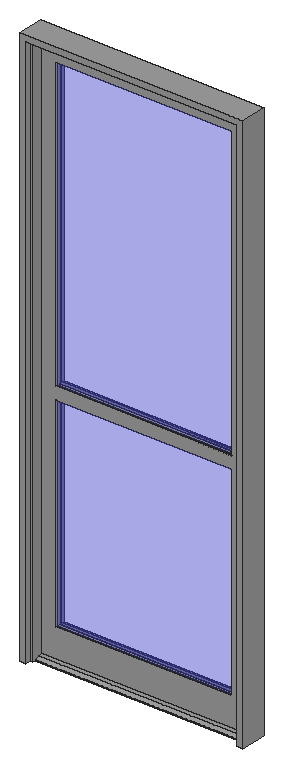
Revit family "NS-212 DOOR-1-PD-CW_v05", category Curtain Panels, Revit 2015 (continued)
Definition of nested family "2.5x6-RTCIG CW-H8533-DHD-OHD SC-DI"
  Lines and regions (in)
    detail lines, in view "Ref. Level", detail levels fine
      curve 175: line (0.71896, -1.26333, 0) -> (0.73296, -1.26333, 0)
      curve 176: line (0.73296, -1.26333, 0) -> (0.75096, -1.26333, 0)
      curve 177: line (0.75096, -1.26333, 0) -> (0.76096, -1.26333, 0)
      curve 178: line (0.76096, -1.26333, 0) -> (0.76796, -1.26333, 0)
      curve 179: line (0.76796, -1.26333, 0) -> (0.78096, -1.26333, 0)
      curve 180: line (0.78096, -1.25133, 0) -> (0.76996, -1.25033, 0)
      curve 181: line (0.76996, -1.25033, 0) -> (0.76196, -1.25033, 0)
      curve 182: line (0.76196, -1.25033, 0) -> (0.75096, -1.25233, 0)
      curve 183: line (0.75096, -1.25233, 0) -> (0.74196, -1.25233, 0)
      curve 184: line (0.74196, -1.25233, 0) -> (0.74996, -1.24833, 0)
      curve 185: line (0.74996, -1.24833, 0) -> (0.76396, -1.24633, 0)
      curve 186: line (0.76396, -1.24633, 0) -> (0.77496, -1.24333, 0)
      curve 187: line (0.76996, -1.22433, 0) -> (0.75496, -1.22433, 0)
      curve 188: line (0.75496, -1.22433, 0) -> (0.74196, -1.22633, 0)
      curve 189: line (0.74196, -1.22633, 0) -> (0.73296, -1.22633, 0)
      curve 190: line (0.73296, -1.22633, 0) -> (0.70996, -1.22433, 0)
      curve 191: line (0.70996, -1.22433, 0) -> (0.69896, -1.22333, 0)
      curve 192: line (0.69896, -1.22333, 0) -> (0.67696, -1.22433, 0)
      curve 193: line (0.67696, -1.22433, 0) -> (0.65296, -1.22333, 0)
      curve 194: line (0.65296, -1.22333, 0) -> (0.62296, -1.22333, 0)
      curve 195: line (0.62296, -1.22333, 0) -> (0.59896, -1.22133, 0)
      curve 196: line (0.59896, -1.22133, 0) -> (0.58096, -1.22133, 0)
      curve 197: line (0.58096, -1.22133, 0) -> (0.56096, -1.22133, 0)
      curve 198: line (0.56096, -1.22133, 0) -> (0.54796, -1.22233, 0)
      curve 199: line (0.73496, -1.21033, 0) -> (0.71896, -1.21233, 0)
      curve 200: line (0.71896, -1.21233, 0) -> (0.70996, -1.20833, 0)
      curve 201: line (0.70996, -1.20833, 0) -> (0.72396, -1.20833, 0)
      curve 202: line (0.72396, -1.20833, 0) -> (0.73296, -1.21233, 0)
      curve 203: line (0.73296, -1.37433, 0) -> (0.74396, -1.37433, 0)
      curve 204: line (0.74396, -1.37433, 0) -> (0.76096, -1.37433, 0)
      curve 205: line (0.76096, -1.37433, 0) -> (0.77296, -1.37433, 0)
      curve 206: line (0.78096, -1.37033, 0) -> (0.77096, -1.37033, 0)
      curve 207: line (0.77096, -1.37033, 0) -> (0.75496, -1.37033, 0)
      curve 208: line (0.75496, -1.37033, 0) -> (0.74796, -1.36833, 0)
      curve 209: line (0.74796, -1.36833, 0) -> (0.74096, -1.36833, 0)
      curve 210: line (0.74096, -1.36833, 0) -> (0.72996, -1.36633, 0)
      curve 211: line (0.72996, -1.36633, 0) -> (0.71496, -1.36633, 0)
      curve 212: line (0.71496, -1.36633, 0) -> (0.70396, -1.36633, 0)
      curve 213: line (0.70396, -1.36633, 0) -> (0.68996, -1.37033, 0)
      curve 214: line (0.68996, -1.37033, 0) -> (0.70596, -1.37233, 0)
      curve 215: line (0.70596, -1.37233, 0) -> (0.72096, -1.37233, 0)
      curve 216: line (0.72096, -1.37233, 0) -> (0.73296, -1.37433, 0)
      curve 217: line (0.75896, -1.35433, 0) -> (0.74796, -1.35033, 0)
      curve 218: line (0.74796, -1.35033, 0) -> (0.76396, -1.34633, 0)
      curve 219: line (0.76396, -1.34633, 0) -> (0.77296, -1.34633, 0)
      curve 220: line (0.77296, -1.34633, 0) -> (0.78096, -1.34833, 0)
      curve 221: line (0.78096, -1.34833, 0) -> (0.77296, -1.35433, 0)
      curve 222: line (0.77296, -1.35433, 0) -> (0.76596, -1.35433, 0)
      curve 223: line (0.76596, -1.35433, 0) -> (0.75896, -1.35433, 0)
      curve 224: line (0.54796, -1.31033, 0) -> (0.55896, -1.31033, 0)
      curve 225: line (0.55896, -1.31033, 0) -> (0.58796, -1.30833, 0)
      curve 226: line (0.58796, -1.30833, 0) -> (0.61496, -1.30833, 0)
      curve 227: line (0.61496, -1.30833, 0) -> (0.62796, -1.30833, 0)
      curve 228: line (0.62796, -1.30833, 0) -> (0.66196, -1.31033, 0)
      curve 229: line (0.66196, -1.31033, 0) -> (0.68096, -1.31233, 0)
      curve 230: line (0.68096, -1.31233, 0) -> (0.69896, -1.31433, 0)
      curve 231: line (0.69896, -1.31433, 0) -> (0.72096, -1.31433, 0)
      curve 232: line (0.72096, -1.31433, 0) -> (0.73696, -1.31433, 0)
      curve 233: line (0.73696, -1.31433, 0) -> (0.75896, -1.31433, 0)
      curve 234: line (0.75896, -1.31433, 0) -> (0.76596, -1.31433, 0)
      curve 235: line (0.76596, -1.31433, 0) -> (0.77896, -1.31033, 0)
      curve 236: line (0.54796, -1.32333, 0) -> (0.57896, -1.32133, 0)
      curve 237: line (0.57896, -1.32133, 0) -> (0.60496, -1.31933, 0)
      curve 238: line (0.60496, -1.31933, 0) -> (0.61896, -1.31933, 0)
      curve 239: line (0.61896, -1.31933, 0) -> (0.66196, -1.31933, 0)
      curve 240: line (0.66196, -1.31933, 0) -> (0.67696, -1.32133, 0)
      curve 241: line (0.67696, -1.32133, 0) -> (0.70096, -1.32133, 0)
      curve 242: line (0.70096, -1.32133, 0) -> (0.71496, -1.32133, 0)
      curve 243: line (0.71496, -1.32133, 0) -> (0.73496, -1.32133, 0)
      curve 244: line (0.73496, -1.32133, 0) -> (0.75096, -1.32333, 0)
      curve 245: line (0.75096, -1.32333, 0) -> (0.76196, -1.32433, 0)
      curve 246: line (0.76196, -1.32433, 0) -> (0.77096, -1.32433, 0)
      curve 247: line (0.77096, -1.32433, 0) -> (0.78096, -1.32433, 0)
      curve 248: line (0.73296, -1.35433, 0) -> (0.74796, -1.35433, 0)
      curve 249: line (0.74796, -1.35433, 0) -> (0.72596, -1.35733, 0)
      curve 250: line (0.72596, -1.35733, 0) -> (0.73296, -1.35433, 0)
      curve 251: line (0.71296, -1.35533, 0) -> (0.70396, -1.36133, 0)
      curve 252: line (0.70396, -1.36133, 0) -> (0.72596, -1.35733, 0)
      curve 253: line (0.72596, -1.35733, 0) -> (0.71296, -1.35533, 0)
      curve 254: line (0.54796, -1.29533, 0) -> (0.57696, -1.29533, 0)
      curve 255: line (0.57696, -1.29533, 0) -> (0.60996, -1.29533, 0)
      curve 256: line (0.60996, -1.29533, 0) -> (0.65296, -1.29533, 0)
      curve 257: line (0.65296, -1.29533, 0) -> (0.67296, -1.29533, 0)
      curve 258: line (0.67296, -1.29533, 0) -> (0.69896, -1.29933, 0)
      curve 259: line (0.69896, -1.29933, 0) -> (0.70796, -1.29933, 0)
      curve 260: line (0.70796, -1.29933, 0) -> (0.72096, -1.30133, 0)
      curve 261: line (0.72096, -1.30133, 0) -> (0.73296, -1.30133, 0)
      curve 262: line (0.73296, -1.30133, 0) -> (0.74396, -1.30133, 0)
      curve 263: line (0.74396, -1.30133, 0) -> (0.75296, -1.30133, 0)
      curve 264: line (0.75296, -1.30133, 0) -> (0.76996, -1.29933, 0)
      curve 265: line (0.76996, -1.29933, 0) -> (0.77696, -1.29933, 0)
      curve 266: line (0.77696, -1.29933, 0) -> (0.77696, -1.2896, 0)
      curve 267: line (0.78096, -1.28933, 0) -> (0.76596, -1.29033, 0)
      curve 268: line (0.76596, -1.29033, 0) -> (0.75496, -1.29033, 0)
      curve 269: line (0.75496, -1.29033, 0) -> (0.74096, -1.29233, 0)
      curve 270: line (0.74096, -1.29233, 0) -> (0.70996, -1.28833, 0)
      curve 271: line (0.70996, -1.28833, 0) -> (0.69296, -1.28833, 0)
      curve 272: line (0.69296, -1.28833, 0) -> (0.67696, -1.28833, 0)
      curve 273: line (0.67696, -1.28833, 0) -> (0.66096, -1.28633, 0)
      curve 274: line (0.66096, -1.28633, 0) -> (0.62296, -1.28633, 0)
      curve 275: line (0.62296, -1.28633, 0) -> (0.60096, -1.28433, 0)
      curve 276: line (0.60096, -1.28433, 0) -> (0.56096, -1.28333, 0)
      curve 277: line (0.56096, -1.28333, 0) -> (0.54796, -1.28333, 0)
      curve 278: line (0.54796, -1.33833, 0) -> (0.57896, -1.33533, 0)
      curve 279: line (0.57896, -1.33533, 0) -> (0.61496, -1.33733, 0)
      curve 280: line (0.61496, -1.33733, 0) -> (0.65296, -1.33733, 0)
      curve 281: line (0.65296, -1.33733, 0) -> (0.67496, -1.33733, 0)
      curve 282: line (0.67496, -1.33733, 0) -> (0.69496, -1.33733, 0)
      curve 283: line (0.69496, -1.33733, 0) -> (0.70996, -1.33733, 0)
      curve 284: line (0.70996, -1.33733, 0) -> (0.72596, -1.33933, 0)
      curve 285: line (0.72596, -1.33933, 0) -> (0.73696, -1.33933, 0)
      curve 286: line (0.73696, -1.33933, 0) -> (0.74796, -1.33933, 0)
      curve 287: line (0.74796, -1.33933, 0) -> (0.75896, -1.33933, 0)
      curve 288: line (0.75896, -1.33933, 0) -> (0.77696, -1.33733, 0)
      curve 289: line (0.78096, -1.41933, 0) -> (0.78096, -1.15933, 0)
    detail lines, in view "Ref. Level", detail levels medium
      curve 290: arc (1.65506, -0.328, 0) -> (1.67791, -0.38315, 0) -> (1.73306, -0.406, 0) r 0.078
      curve 291: arc (0.20206, -0.406, 0) -> (0.25722, -0.38315, 0) -> (0.28006, -0.328, 0) r 0.078
      curve 292: arc (0.68756, -1.173, 0) -> (0.71506, -1.2005, 0) -> (0.74256, -1.173, 0) r 0.0275
      curve 293: arc (0.74256, -1.408, 0) -> (0.71506, -1.3805, 0) -> (0.68756, -1.408, 0) r 0.0275
      curve 294: arc (2.00056, -1, 0) -> (1.96239, -1.07442, 0) -> (2.04511, -1.062, 0) r 0.047
      curve 295: arc (0.95295, -1.053, 0) -> (1.03486, -1.07804, 0) -> (0.99956, -1, 0) r 0.047
      curve 296: line (1.73306, -0.406, 0) -> (1.98306, -0.406, 0)
      curve 297: line (1.98306, -0.406, 0) -> (1.98306, -0.375, 0)
      curve 298: line (1.98306, -0.375, 0) -> (3.09256, -0.375, 0)
      curve 299: line (3.09256, -0.375, 0) -> (3.09256, -0.875, 0)
      curve 300: line (3.09256, -0.875, 0) -> (-1.15744, -0.875, 0)
      curve 301: line (-1.15744, -0.875, 0) -> (-1.15744, -0.375, 0)
      curve 302: line (-1.15744, -0.375, 0) -> (-0.04794, -0.375, 0)
      curve 303: line (-0.04794, -0.375, 0) -> (-0.04794, -0.406, 0)
      curve 304: line (-0.04794, -0.406, 0) -> (0.20206, -0.406, 0)
      curve 305: line (0.28006, -0.328, 0) -> (0.03006, -0.328, 0)
      curve 306: line (0.03006, -0.328, 0) -> (0.03006, -0.25, 0)
      curve 307: line (0.03006, -0.25, 0) -> (-1.28244, -0.25, 0)
      curve 308: line (-1.28244, -0.25, 0) -> (-1.28244, -1, 0)
      curve 309: line (-1.28244, -1, 0) -> (3.21756, -1, 0)
      curve 310: line (3.21756, -1, 0) -> (3.21756, -0.25, 0)
      curve 311: line (3.21756, -0.25, 0) -> (1.90506, -0.25, 0)
      curve 312: line (1.90506, -0.25, 0) -> (1.90506, -0.328, 0)
      curve 313: line (1.90506, -0.328, 0) -> (1.65506, -0.328, 0)
      curve 314: line (0.74256, -1.173, 0) -> (0.74256, -1.143, 0)
      curve 315: line (0.74256, -1.143, 0) -> (0.79756, -1.143, 0)
      curve 316: line (0.79756, -1.143, 0) -> (0.79756, -1.438, 0)
      curve 317: line (0.79756, -1.438, 0) -> (0.74256, -1.438, 0)
      curve 318: line (0.74256, -1.438, 0) -> (0.74256, -1.408, 0)
      curve 319: line (0.68756, -1.408, 0) -> (0.68756, -1.5, 0)
      curve 320: line (0.68756, -1.5, 0) -> (2.31256, -1.5, 0)
      curve 321: line (2.31256, -1.5, 0) -> (2.31256, -1, 0)
      curve 322: line (2.31256, -1, 0) -> (2.00056, -1, 0)
      curve 323: line (2.04511, -1.062, 0) -> (2.25056, -1.062, 0)
      curve 324: line (2.25056, -1.062, 0) -> (2.25056, -1.438, 0)
      curve 325: line (2.25056, -1.438, 0) -> (0.85956, -1.438, 0)
      curve 326: line (0.85956, -1.438, 0) -> (0.85956, -1.053, 0)
      curve 327: line (0.85956, -1.053, 0) -> (0.95295, -1.053, 0)
      curve 328: line (0.99956, -1, 0) -> (0.79756, -1, 0)
      curve 329: line (0.79756, -1, 0) -> (0.79756, -1.081, 0)
      curve 330: line (0.79756, -1.081, 0) -> (0.74256, -1.081, 0)
      curve 331: line (0.74256, -1.081, 0) -> (0.74256, -1, 0)
      curve 332: line (0.74256, -1, 0) -> (0.68756, -1, 0)
      curve 333: line (0.68756, -1, 0) -> (0.68756, -1.173, 0)
      curve 334: line (-1.28244, 0, 0) -> (-1.28244, -1, 0)
      curve 335: line (-1.28244, -1, 0) -> (0.68756, -1, 0)
      curve 336: line (0.68756, -1, 0) -> (0.68756, -1.5, 0)
      curve 337: line (0.68756, -1.5, 0) -> (2.31256, -1.5, 0)
      curve 338: line (2.31256, -1.5, 0) -> (2.31256, -1, 0)
      curve 339: line (2.31256, -1, 0) -> (3.21756, -1, 0)
      curve 340: line (3.21756, -1, 0) -> (3.21756, 0, 0)
      curve 341: line (3.21756, 0, 0) -> (-1.28244, 0, 0)
    detail lines, in view "Ref. Level", not visible, detail levels fine
      curve 342: arc (1.65506, -0.328, 0) -> (1.67791, -0.38315, 0) -> (1.73306, -0.406, 0) r 0.078
      curve 343: arc (0.20206, -0.406, 0) -> (0.25722, -0.38315, 0) -> (0.28006, -0.328, 0) r 0.078
      curve 344: arc (0.68756, -1.173, 0) -> (0.71506, -1.2005, 0) -> (0.74256, -1.173, 0) r 0.0275
      curve 345: arc (0.74256, -1.408, 0) -> (0.71506, -1.3805, 0) -> (0.68756, -1.408, 0) r 0.0275
      curve 346: arc (2.00056, -1, 0) -> (1.96239, -1.07442, 0) -> (2.04511, -1.062, 0) r 0.047
      curve 347: arc (0.95295, -1.053, 0) -> (1.03486, -1.07804, 0) -> (0.99956, -1, 0) r 0.047
      curve 348: line (1.73306, -0.406, 0) -> (1.98306, -0.406, 0)
      curve 349: line (1.98306, -0.406, 0) -> (1.98306, -0.375, 0)
      curve 350: line (1.98306, -0.375, 0) -> (3.09256, -0.375, 0)
      curve 351: line (3.09256, -0.375, 0) -> (3.09256, -0.875, 0)
      curve 352: line (3.09256, -0.875, 0) -> (-1.15744, -0.875, 0)
      curve 353: line (-1.15744, -0.875, 0) -> (-1.15744, -0.375, 0)
      curve 354: line (-1.15744, -0.375, 0) -> (-0.04794, -0.375, 0)
      curve 355: line (-0.04794, -0.375, 0) -> (-0.04794, -0.406, 0)
      curve 356: line (-0.04794, -0.406, 0) -> (0.20206, -0.406, 0)
      curve 357: line (0.28006, -0.328, 0) -> (0.03006, -0.328, 0)
      curve 358: line (0.03006, -0.328, 0) -> (0.03006, -0.25, 0)
      curve 359: line (0.03006, -0.25, 0) -> (-1.28244, -0.25, 0)
      curve 360: line (-1.28244, -0.25, 0) -> (-1.28244, -1, 0)
      curve 361: line (-1.28244, -1, 0) -> (3.21756, -1, 0)
      curve 362: line (3.21756, -1, 0) -> (3.21756, -0.25, 0)
      curve 363: line (3.21756, -0.25, 0) -> (1.90506, -0.25, 0)
      curve 364: line (1.90506, -0.25, 0) -> (1.90506, -0.328, 0)
      curve 365: line (1.90506, -0.328, 0) -> (1.65506, -0.328, 0)
      curve 366: line (0.74256, -1.173, 0) -> (0.74256, -1.143, 0)
      curve 367: line (0.74256, -1.143, 0) -> (0.79756, -1.143, 0)
      curve 368: line (0.79756, -1.143, 0) -> (0.79756, -1.438, 0)
      curve 369: line (0.79756, -1.438, 0) -> (0.74256, -1.438, 0)
      curve 370: line (0.74256, -1.438, 0) -> (0.74256, -1.408, 0)
      curve 371: line (0.68756, -1.408, 0) -> (0.68756, -1.5, 0)
      curve 372: line (0.68756, -1.5, 0) -> (2.31256, -1.5, 0)
      curve 373: line (2.31256, -1.5, 0) -> (2.31256, -1, 0)
      curve 374: line (2.31256, -1, 0) -> (2.00056, -1, 0)
      curve 375: line (2.04511, -1.062, 0) -> (2.25056, -1.062, 0)
      curve 376: line (2.25056, -1.062, 0) -> (2.25056, -1.438, 0)
      curve 377: line (2.25056, -1.438, 0) -> (0.85956, -1.438, 0)
      curve 378: line (0.85956, -1.438, 0) -> (0.85956, -1.053, 0)
      curve 379: line (0.85956, -1.053, 0) -> (0.95295, -1.053, 0)
      curve 380: line (0.99956, -1, 0) -> (0.79756, -1, 0)
      curve 381: line (0.79756, -1, 0) -> (0.79756, -1.081, 0)
      curve 382: line (0.79756, -1.081, 0) -> (0.74256, -1.081, 0)
      curve 383: line (0.74256, -1.081, 0) -> (0.74256, -1, 0)
      curve 384: line (0.74256, -1, 0) -> (0.68756, -1, 0)
      curve 385: line (0.68756, -1, 0) -> (0.68756, -1.173, 0)
      curve 386: line (-1.28244, 0, 0) -> (-1.28244, -1, 0)
      curve 387: line (-1.28244, -1, 0) -> (0.68756, -1, 0)
      curve 388: line (0.68756, -1, 0) -> (0.68756, -1.5, 0)
      curve 389: line (0.68756, -1.5, 0) -> (2.31256, -1.5, 0)
      curve 390: line (2.31256, -1.5, 0) -> (2.31256, -1, 0)
      curve 391: line (2.31256, -1, 0) -> (3.21756, -1, 0)
      curve 392: line (3.21756, -1, 0) -> (3.21756, 0, 0)
      curve 393: line (3.21756, 0, 0) -> (-1.28244, 0, 0)
      curve 394: arc (-1.28244, -0.25, 0) -> (-1.26095, -0.125, 0) -> (-1.28244, 0, 0) r 0.37439
      curve 395: arc (3.21756, 0, 0) -> (3.19608, -0.125, 0) -> (3.21756, -0.25, 0) r 0.37439
      curve 396: arc (1.95497, -1.14175, 0) -> (1.95619, -1.1362, 0) -> (1.95482, -1.13068, 0) r 0.0125
      curve 397: arc (1.98284, -1.14139, 0) -> (1.98406, -1.13584, 0) -> (1.9827, -1.13032, 0) r 0.0125
      curve 398: arc (1.01743, -1.13032, 0) -> (1.01607, -1.13584, 0) -> (1.01729, -1.14139, 0) r 0.0125
      curve 399: arc (1.0453, -1.13068, 0) -> (1.04394, -1.1362, 0) -> (1.04516, -1.14175, 0) r 0.0125
      curve 400: arc (1.10681, -1.025, 0) -> (1.10028, -1.02684, 0) -> (1.09567, -1.03182, 0) r 0.0125
      curve 401: arc (1.90446, -1.03183, 0) -> (1.89985, -1.02684, 0) -> (1.89332, -1.025, 0) r 0.0125
      curve 402: line (-1.03244, -0.25, 0) -> (-1.03244, 0, 0)
      curve 403: line (-1.03244, 0, 0) -> (2.96756, 0, 0)
      curve 404: line (2.96756, 0, 0) -> (2.96756, -0.25, 0)
      curve 405: line (2.96756, -0.25, 0) -> (-1.03244, -0.25, 0)
      curve 406: line (-1.03244, -0.25, 0) -> (2.96756, 0, 0)
      curve 407: line (-1.03244, 0, 0) -> (2.96756, -0.25, 0)
      curve 408: line (1.95497, -1.14175, 0) -> (1.89789, -1.26122, 0)
      curve 409: line (1.89789, -1.26122, 0) -> (1.92045, -1.272, 0)
      curve 410: line (1.92045, -1.272, 0) -> (1.98284, -1.14139, 0)
      curve 411: line (1.9827, -1.13032, 0) -> (1.92904, -1.025, 0)
      curve 412: line (1.92904, -1.025, 0) -> (1.95506, -1.025, 0)
      curve 413: line (1.95506, -1.025, 0) -> (1.95506, -1, 0)
      curve 414: line (1.95506, -1, 0) -> (1.04506, -1, 0)
      curve 415: line (1.04506, -1, 0) -> (1.04506, -1.025, 0)
      curve 416: line (1.04506, -1.025, 0) -> (1.07109, -1.025, 0)
      curve 417: line (1.07109, -1.025, 0) -> (1.01743, -1.13032, 0)
      curve 418: line (1.01729, -1.14139, 0) -> (1.07968, -1.272, 0)
      curve 419: line (1.07968, -1.272, 0) -> (1.10224, -1.26122, 0)
      curve 420: line (1.10224, -1.26122, 0) -> (1.04516, -1.14175, 0)
      curve 421: line (1.0453, -1.13068, 0) -> (1.09567, -1.03182, 0)
      curve 422: line (1.10681, -1.025, 0) -> (1.89332, -1.025, 0)
      curve 423: line (1.90446, -1.03183, 0) -> (1.95482, -1.13068, 0)
      curve 424: line (0.54796, -1.18033, 0) -> (0.56296, -1.18633, 0)
      curve 425: line (0.56296, -1.18633, 0) -> (0.57696, -1.19533, 0)
      curve 426: line (0.57696, -1.19533, 0) -> (0.60296, -1.19933, 0)
      curve 427: line (0.60296, -1.19933, 0) -> (0.62096, -1.20333, 0)
      curve 428: line (0.62096, -1.20333, 0) -> (0.65696, -1.20433, 0)
      curve 429: line (0.65696, -1.20433, 0) -> (0.67296, -1.20633, 0)
      curve 430: line (0.67296, -1.20633, 0) -> (0.69296, -1.20833, 0)
      curve 431: line (0.69296, -1.20833, 0) -> (0.69696, -1.21433, 0)
      curve 432: line (0.69696, -1.21433, 0) -> (0.70996, -1.20833, 0)
      curve 433: line (0.70996, -1.20833, 0) -> (0.69696, -1.21433, 0)
      curve 434: line (0.55396, -1.35233, 0) -> (0.58296, -1.35233, 0)
      curve 435: line (0.58296, -1.35233, 0) -> (0.60796, -1.35233, 0)
      curve 436: line (0.60796, -1.35233, 0) -> (0.62496, -1.35433, 0)
      curve 437: line (0.62496, -1.35433, 0) -> (0.65696, -1.35433, 0)
      curve 438: line (0.65696, -1.35433, 0) -> (0.67696, -1.35533, 0)
      curve 439: line (0.67696, -1.35533, 0) -> (0.70396, -1.36133, 0)
      curve 440: line (0.70396, -1.36133, 0) -> (0.67496, -1.36433, 0)
      curve 441: line (0.67496, -1.36433, 0) -> (0.68996, -1.37033, 0)
      curve 442: line (0.68996, -1.37033, 0) -> (0.67296, -1.36633, 0)
      curve 443: line (0.67296, -1.36633, 0) -> (0.65096, -1.36833, 0)
      curve 444: line (0.65096, -1.36833, 0) -> (0.58796, -1.37733, 0)
      curve 445: line (0.58796, -1.37733, 0) -> (0.60596, -1.37733, 0)
      curve 446: line (0.60596, -1.37733, 0) -> (0.61696, -1.37533, 0)
      curve 447: line (0.61696, -1.37533, 0) -> (0.63196, -1.37433, 0)
      curve 448: line (0.63196, -1.37433, 0) -> (0.65896, -1.37233, 0)
      curve 449: line (0.65896, -1.37233, 0) -> (0.67896, -1.37033, 0)
      curve 450: line (0.67896, -1.37033, 0) -> (0.65296, -1.36633, 0)
      curve 451: line (0.65296, -1.36633, 0) -> (0.62296, -1.36633, 0)
      curve 452: line (0.62296, -1.36633, 0) -> (0.58996, -1.36433, 0)
      curve 453: line (0.58996, -1.36433, 0) -> (0.54796, -1.36933, 0)
      curve 454: line (0.57196, -1.38433, 0) -> (0.58996, -1.38133, 0)
      curve 455: line (0.58996, -1.38133, 0) -> (0.54796, -1.38833, 0)
      curve 456: line (0.54796, -1.38833, 0) -> (0.57196, -1.38433, 0)
      curve 457: line (0.54996, -1.24133, 0) -> (0.56796, -1.23933, 0)
      curve 458: line (0.56796, -1.23933, 0) -> (0.58096, -1.23733, 0)
      curve 459: line (0.58096, -1.23733, 0) -> (0.59396, -1.23533, 0)
      curve 460: line (0.59396, -1.23533, 0) -> (0.61496, -1.23533, 0)
      curve 461: line (0.61496, -1.23533, 0) -> (0.62796, -1.23533, 0)
      curve 462: line (0.62796, -1.23533, 0) -> (0.65696, -1.23733, 0)
      curve 463: line (0.65696, -1.23733, 0) -> (0.67096, -1.23733, 0)
      curve 464: line (0.67096, -1.23733, 0) -> (0.67896, -1.23933, 0)
      curve 465: line (0.67896, -1.23933, 0) -> (0.69696, -1.24133, 0)
      curve 466: line (0.69696, -1.24133, 0) -> (0.71096, -1.24433, 0)
      curve 467: line (0.71096, -1.24433, 0) -> (0.72796, -1.25233, 0)
      curve 468: line (0.72796, -1.25233, 0) -> (0.74196, -1.25233, 0)
      curve 469: line (0.74196, -1.25233, 0) -> (0.72596, -1.24433, 0)
      curve 470: line (0.72596, -1.24433, 0) -> (0.71096, -1.25033, 0)
      curve 471: line (0.71096, -1.25033, 0) -> (0.70196, -1.25033, 0)
      curve 472: line (0.70196, -1.25033, 0) -> (0.68596, -1.25033, 0)
      curve 473: line (0.68596, -1.25033, 0) -> (0.67096, -1.24633, 0)
      curve 474: line (0.67096, -1.24633, 0) -> (0.65496, -1.24633, 0)
      curve 475: line (0.65496, -1.24633, 0) -> (0.62296, -1.24633, 0)
      curve 476: line (0.62296, -1.24633, 0) -> (0.60596, -1.24633, 0)
      curve 477: line (0.60596, -1.24633, 0) -> (0.59396, -1.24633, 0)
      curve 478: line (0.59396, -1.24633, 0) -> (0.54796, -1.25433, 0)
      curve 479: line (0.54996, -1.20833, 0) -> (0.56096, -1.20833, 0)
      curve 480: line (0.56096, -1.20833, 0) -> (0.58096, -1.20833, 0)
      curve 481: line (0.58096, -1.20833, 0) -> (0.59196, -1.20633, 0)
      curve 482: line (0.59196, -1.20633, 0) -> (0.59896, -1.20633, 0)
      curve 483: line (0.59896, -1.20633, 0) -> (0.60596, -1.20833, 0)
      curve 484: line (0.60596, -1.20833, 0) -> (0.62296, -1.21433, 0)
      curve 485: line (0.62296, -1.21433, 0) -> (0.65496, -1.21233, 0)
      curve 486: line (0.65496, -1.21233, 0) -> (0.66196, -1.21033, 0)
      curve 487: line (0.66196, -1.21033, 0) -> (0.67096, -1.21233, 0)
      curve 488: line (0.67096, -1.21233, 0) -> (0.68096, -1.21233, 0)
      curve 489: line (0.68096, -1.21233, 0) -> (0.68996, -1.21233, 0)
      curve 490: line (0.74596, -1.21033, 0) -> (0.73496, -1.21033, 0)
      curve 491: line (0.73496, -1.21033, 0) -> (0.74196, -1.21033, 0)
      curve 492: line (0.74196, -1.21033, 0) -> (0.75296, -1.21033, 0)
      curve 493: line (0.75296, -1.21033, 0) -> (0.76396, -1.21033, 0)
      curve 494: line (0.76396, -1.21033, 0) -> (0.77496, -1.20633, 0)
      curve 495: line (0.77896, -1.20633, 0) -> (0.76796, -1.20633, 0)
      curve 496: line (0.76796, -1.20633, 0) -> (0.76096, -1.20633, 0)
      curve 497: line (0.76096, -1.20633, 0) -> (0.75296, -1.20833, 0)
      curve 498: line (0.75296, -1.20833, 0) -> (0.74596, -1.21033, 0)
      curve 499: line (0.78096, -1.27033, 0) -> (0.76996, -1.27233, 0)
      curve 500: line (0.76996, -1.27233, 0) -> (0.75496, -1.27433, 0)
      curve 501: line (0.75496, -1.27433, 0) -> (0.74396, -1.27433, 0)
      curve 502: line (0.74396, -1.27433, 0) -> (0.73496, -1.27433, 0)
      curve 503: line (0.73496, -1.27433, 0) -> (0.71496, -1.27433, 0)
      curve 504: line (0.71496, -1.27433, 0) -> (0.69696, -1.27433, 0)
      curve 505: line (0.69696, -1.27433, 0) -> (0.67496, -1.27033, 0)
      curve 506: line (0.67496, -1.27033, 0) -> (0.65696, -1.27033, 0)
      curve 507: line (0.65696, -1.27033, 0) -> (0.60996, -1.27033, 0)
      curve 508: line (0.60996, -1.27033, 0) -> (0.57396, -1.27033, 0)
      curve 509: line (0.57396, -1.27033, 0) -> (0.54796, -1.26833, 0)
      curve 510: line (0.54796, -1.26133, 0) -> (0.56796, -1.26133, 0)
      curve 511: line (0.56796, -1.26133, 0) -> (0.59696, -1.26133, 0)
      curve 512: line (0.59696, -1.26133, 0) -> (0.62496, -1.26133, 0)
      curve 513: line (0.62496, -1.26133, 0) -> (0.66796, -1.26333, 0)
      curve 514: line (0.66796, -1.26333, 0) -> (0.70096, -1.26433, 0)
      curve 515: line (0.70096, -1.26433, 0) -> (0.71896, -1.26333, 0)
      curve 516: line (0.71896, -1.26333, 0) -> (0.73296, -1.26333, 0)
      curve 517: line (0.73296, -1.26333, 0) -> (0.75096, -1.26333, 0)
      curve 518: line (0.75096, -1.26333, 0) -> (0.76096, -1.26333, 0)
      curve 519: line (0.76096, -1.26333, 0) -> (0.76796, -1.26333, 0)
      curve 520: line (0.76796, -1.26333, 0) -> (0.78096, -1.26333, 0)
      curve 521: line (0.78096, -1.25133, 0) -> (0.76996, -1.25033, 0)
      curve 522: line (0.76996, -1.25033, 0) -> (0.76196, -1.25033, 0)
      curve 523: line (0.76196, -1.25033, 0) -> (0.75096, -1.25233, 0)
      curve 524: line (0.75096, -1.25233, 0) -> (0.74196, -1.25233, 0)
      curve 525: line (0.74196, -1.25233, 0) -> (0.74996, -1.24833, 0)
      curve 526: line (0.74996, -1.24833, 0) -> (0.76396, -1.24633, 0)
      curve 527: line (0.76396, -1.24633, 0) -> (0.77496, -1.24333, 0)
      curve 528: line (0.76996, -1.22433, 0) -> (0.75496, -1.22433, 0)
      curve 529: line (0.75496, -1.22433, 0) -> (0.74196, -1.22633, 0)
      curve 530: line (0.74196, -1.22633, 0) -> (0.73296, -1.22633, 0)
      curve 531: line (0.73296, -1.22633, 0) -> (0.70996, -1.22433, 0)
      curve 532: line (0.70996, -1.22433, 0) -> (0.69896, -1.22333, 0)
      curve 533: line (0.69896, -1.22333, 0) -> (0.67696, -1.22433, 0)
      curve 534: line (0.67696, -1.22433, 0) -> (0.65296, -1.22333, 0)
      curve 535: line (0.65296, -1.22333, 0) -> (0.62296, -1.22333, 0)
      curve 536: line (0.62296, -1.22333, 0) -> (0.59896, -1.22133, 0)
      curve 537: line (0.59896, -1.22133, 0) -> (0.58096, -1.22133, 0)
      curve 538: line (0.58096, -1.22133, 0) -> (0.56096, -1.22133, 0)
      curve 539: line (0.56096, -1.22133, 0) -> (0.54796, -1.22233, 0)
      curve 540: line (0.73496, -1.21033, 0) -> (0.71896, -1.21233, 0)
      curve 541: line (0.71896, -1.21233, 0) -> (0.70996, -1.20833, 0)
      curve 542: line (0.70996, -1.20833, 0) -> (0.72396, -1.20833, 0)
      curve 543: line (0.72396, -1.20833, 0) -> (0.73296, -1.21233, 0)
      curve 544: line (0.73296, -1.37433, 0) -> (0.74396, -1.37433, 0)
      curve 545: line (0.74396, -1.37433, 0) -> (0.76096, -1.37433, 0)
      curve 546: line (0.76096, -1.37433, 0) -> (0.77296, -1.37433, 0)
      curve 547: line (0.78096, -1.37033, 0) -> (0.77096, -1.37033, 0)
      curve 548: line (0.77096, -1.37033, 0) -> (0.75496, -1.37033, 0)
      curve 549: line (0.75496, -1.37033, 0) -> (0.74796, -1.36833, 0)
      curve 550: line (0.74796, -1.36833, 0) -> (0.74096, -1.36833, 0)
      curve 551: line (0.74096, -1.36833, 0) -> (0.72996, -1.36633, 0)
      curve 552: line (0.72996, -1.36633, 0) -> (0.71496, -1.36633, 0)
      curve 553: line (0.71496, -1.36633, 0) -> (0.70396, -1.36633, 0)
      curve 554: line (0.70396, -1.36633, 0) -> (0.68996, -1.37033, 0)
      curve 555: line (0.68996, -1.37033, 0) -> (0.70596, -1.37233, 0)
      curve 556: line (0.70596, -1.37233, 0) -> (0.72096, -1.37233, 0)
      curve 557: line (0.72096, -1.37233, 0) -> (0.73296, -1.37433, 0)
      curve 558: line (0.75896, -1.35433, 0) -> (0.74796, -1.35033, 0)
      curve 559: line (0.74796, -1.35033, 0) -> (0.76396, -1.34633, 0)
      curve 560: line (0.76396, -1.34633, 0) -> (0.77296, -1.34633, 0)
      curve 561: line (0.77296, -1.34633, 0) -> (0.78096, -1.34833, 0)
      curve 562: line (0.78096, -1.34833, 0) -> (0.77296, -1.35433, 0)
      curve 563: line (0.77296, -1.35433, 0) -> (0.76596, -1.35433, 0)
      curve 564: line (0.76596, -1.35433, 0) -> (0.75896, -1.35433, 0)
      curve 565: line (0.54796, -1.31033, 0) -> (0.55896, -1.31033, 0)
      curve 566: line (0.55896, -1.31033, 0) -> (0.58796, -1.30833, 0)
      curve 567: line (0.58796, -1.30833, 0) -> (0.61496, -1.30833, 0)
      curve 568: line (0.61496, -1.30833, 0) -> (0.62796, -1.30833, 0)
      curve 569: line (0.62796, -1.30833, 0) -> (0.66196, -1.31033, 0)
      curve 570: line (0.66196, -1.31033, 0) -> (0.68096, -1.31233, 0)
      curve 571: line (0.68096, -1.31233, 0) -> (0.69896, -1.31433, 0)
      curve 572: line (0.69896, -1.31433, 0) -> (0.72096, -1.31433, 0)
      curve 573: line (0.72096, -1.31433, 0) -> (0.73696, -1.31433, 0)
      curve 574: line (0.73696, -1.31433, 0) -> (0.75896, -1.31433, 0)
      curve 575: line (0.75896, -1.31433, 0) -> (0.76596, -1.31433, 0)
      curve 576: line (0.76596, -1.31433, 0) -> (0.77896, -1.31033, 0)
      curve 577: line (0.54796, -1.32333, 0) -> (0.57896, -1.32133, 0)
      curve 578: line (0.57896, -1.32133, 0) -> (0.60496, -1.31933, 0)
      curve 579: line (0.60496, -1.31933, 0) -> (0.61896, -1.31933, 0)
      curve 580: line (0.61896, -1.31933, 0) -> (0.66196, -1.31933, 0)
      curve 581: line (0.66196, -1.31933, 0) -> (0.67696, -1.32133, 0)
      curve 582: line (0.67696, -1.32133, 0) -> (0.70096, -1.32133, 0)
      curve 583: line (0.70096, -1.32133, 0) -> (0.71496, -1.32133, 0)
      curve 584: line (0.71496, -1.32133, 0) -> (0.73496, -1.32133, 0)
      curve 585: line (0.73496, -1.32133, 0) -> (0.75096, -1.32333, 0)
      curve 586: line (0.75096, -1.32333, 0) -> (0.76196, -1.32433, 0)
      curve 587: line (0.76196, -1.32433, 0) -> (0.77096, -1.32433, 0)
      curve 588: line (0.77096, -1.32433, 0) -> (0.78096, -1.32433, 0)
      curve 589: line (0.73296, -1.35433, 0) -> (0.74796, -1.35433, 0)
      curve 590: line (0.74796, -1.35433, 0) -> (0.72596, -1.35733, 0)
      curve 591: line (0.72596, -1.35733, 0) -> (0.73296, -1.35433, 0)
      curve 592: line (0.71296, -1.35533, 0) -> (0.70396, -1.36133, 0)
      curve 593: line (0.70396, -1.36133, 0) -> (0.72596, -1.35733, 0)
      curve 594: line (0.72596, -1.35733, 0) -> (0.71296, -1.35533, 0)
      curve 595: line (0.54796, -1.29533, 0) -> (0.57696, -1.29533, 0)
      curve 596: line (0.57696, -1.29533, 0) -> (0.60996, -1.29533, 0)
      curve 597: line (0.60996, -1.29533, 0) -> (0.65296, -1.29533, 0)
      curve 598: line (0.65296, -1.29533, 0) -> (0.67296, -1.29533, 0)
      curve 599: line (0.67296, -1.29533, 0) -> (0.69896, -1.29933, 0)
      curve 600: line (0.69896, -1.29933, 0) -> (0.70796, -1.29933, 0)
      curve 601: line (0.70796, -1.29933, 0) -> (0.72096, -1.30133, 0)
      curve 602: line (0.72096, -1.30133, 0) -> (0.73296, -1.30133, 0)
      curve 603: line (0.73296, -1.30133, 0) -> (0.74396, -1.30133, 0)
      curve 604: line (0.74396, -1.30133, 0) -> (0.75296, -1.30133, 0)
      curve 605: line (0.75296, -1.30133, 0) -> (0.76996, -1.29933, 0)
      curve 606: line (0.76996, -1.29933, 0) -> (0.77696, -1.29933, 0)
      curve 607: line (0.77696, -1.29933, 0) -> (0.77696, -1.2896, 0)
      curve 608: line (0.78096, -1.28933, 0) -> (0.76596, -1.29033, 0)
      curve 609: line (0.76596, -1.29033, 0) -> (0.75496, -1.29033, 0)
      curve 610: line (0.75496, -1.29033, 0) -> (0.74096, -1.29233, 0)
      curve 611: line (0.74096, -1.29233, 0) -> (0.70996, -1.28833, 0)
      curve 612: line (0.70996, -1.28833, 0) -> (0.69296, -1.28833, 0)
      curve 613: line (0.69296, -1.28833, 0) -> (0.67696, -1.28833, 0)
      curve 614: line (0.67696, -1.28833, 0) -> (0.66096, -1.28633, 0)
      curve 615: line (0.66096, -1.28633, 0) -> (0.62296, -1.28633, 0)
      curve 616: line (0.62296, -1.28633, 0) -> (0.60096, -1.28433, 0)
      curve 617: line (0.60096, -1.28433, 0) -> (0.56096, -1.28333, 0)
      curve 618: line (0.56096, -1.28333, 0) -> (0.54796, -1.28333, 0)
      curve 619: line (0.54796, -1.33833, 0) -> (0.57896, -1.33533, 0)
      curve 620: line (0.57896, -1.33533, 0) -> (0.61496, -1.33733, 0)
      curve 621: line (0.61496, -1.33733, 0) -> (0.65296, -1.33733, 0)
      curve 622: line (0.65296, -1.33733, 0) -> (0.67496, -1.33733, 0)
      curve 623: line (0.67496, -1.33733, 0) -> (0.69496, -1.33733, 0)
      curve 624: line (0.69496, -1.33733, 0) -> (0.70996, -1.33733, 0)
      curve 625: line (0.70996, -1.33733, 0) -> (0.72596, -1.33933, 0)
      curve 626: line (0.72596, -1.33933, 0) -> (0.73696, -1.33933, 0)
      curve 627: line (0.73696, -1.33933, 0) -> (0.74796, -1.33933, 0)
      curve 628: line (0.74796, -1.33933, 0) -> (0.75896, -1.33933, 0)
      curve 629: line (0.75896, -1.33933, 0) -> (0.77696, -1.33733, 0)
      curve 630: line (0.78096, -1.41933, 0) -> (0.78096, -1.15933, 0)
    detail lines, in view "Ref. Level", not visible, detail levels medium
      curve 631: arc (8.63801, -2.3397, 0) -> (8.66086, -2.39486, 0) -> (8.71601, -2.4177, 0) r 0.078
      curve 632: arc (7.18501, -2.4177, 0) -> (7.24017, -2.39486, 0) -> (7.26301, -2.3397, 0) r 0.078
      curve 633: arc (7.67051, -3.1847, 0) -> (7.69801, -3.2122, 0) -> (7.72551, -3.1847, 0) r 0.0275
      curve 634: arc (7.72551, -3.4197, 0) -> (7.69801, -3.3922, 0) -> (7.67051, -3.4197, 0) r 0.0275
      curve 635: arc (8.98351, -3.0117, 0) -> (8.94534, -3.08613, 0) -> (9.02805, -3.0737, 0) r 0.047
      curve 636: arc (7.9359, -3.0647, 0) -> (8.0178, -3.08974, 0) -> (7.98251, -3.0117, 0) r 0.047
      curve 637: line (8.71601, -2.4177, 0) -> (8.96601, -2.4177, 0)
      curve 638: line (8.96601, -2.4177, 0) -> (8.96601, -2.3867, 0)
      curve 639: line (8.96601, -2.3867, 0) -> (10.07551, -2.3867, 0)
      curve 640: line (10.07551, -2.3867, 0) -> (10.07551, -2.8867, 0)
      curve 641: line (10.07551, -2.8867, 0) -> (5.82551, -2.8867, 0)
      curve 642: line (5.82551, -2.8867, 0) -> (5.82551, -2.3867, 0)
      curve 643: line (5.82551, -2.3867, 0) -> (6.93501, -2.3867, 0)
      curve 644: line (6.93501, -2.3867, 0) -> (6.93501, -2.4177, 0)
      curve 645: line (6.93501, -2.4177, 0) -> (7.18501, -2.4177, 0)
      curve 646: line (7.26301, -2.3397, 0) -> (7.01301, -2.3397, 0)
      curve 647: line (7.01301, -2.3397, 0) -> (7.01301, -2.2617, 0)
      curve 648: line (7.01301, -2.2617, 0) -> (5.70051, -2.2617, 0)
      curve 649: line (5.70051, -2.2617, 0) -> (5.70051, -3.0117, 0)
      curve 650: line (5.70051, -3.0117, 0) -> (10.20051, -3.0117, 0)
      curve 651: line (10.20051, -3.0117, 0) -> (10.20051, -2.2617, 0)
      curve 652: line (10.20051, -2.2617, 0) -> (8.88801, -2.2617, 0)
      curve 653: line (8.88801, -2.2617, 0) -> (8.88801, -2.3397, 0)
      curve 654: line (8.88801, -2.3397, 0) -> (8.63801, -2.3397, 0)
      curve 655: line (7.72551, -3.1847, 0) -> (7.72551, -3.1547, 0)
      curve 656: line (7.72551, -3.1547, 0) -> (7.78051, -3.1547, 0)
      curve 657: line (7.78051, -3.1547, 0) -> (7.78051, -3.4497, 0)
      curve 658: line (7.78051, -3.4497, 0) -> (7.72551, -3.4497, 0)
      curve 659: line (7.72551, -3.4497, 0) -> (7.72551, -3.4197, 0)
      curve 660: line (7.67051, -3.4197, 0) -> (7.67051, -3.5117, 0)
      curve 661: line (7.67051, -3.5117, 0) -> (9.29551, -3.5117, 0)
      curve 662: line (9.29551, -3.5117, 0) -> (9.29551, -3.0117, 0)
      curve 663: line (9.29551, -3.0117, 0) -> (8.98351, -3.0117, 0)
      curve 664: line (9.02805, -3.0737, 0) -> (9.23351, -3.0737, 0)
      curve 665: line (9.23351, -3.0737, 0) -> (9.23351, -3.4497, 0)
      curve 666: line (9.23351, -3.4497, 0) -> (7.84251, -3.4497, 0)
      curve 667: line (7.84251, -3.4497, 0) -> (7.84251, -3.0647, 0)
      curve 668: line (7.84251, -3.0647, 0) -> (7.9359, -3.0647, 0)
      curve 669: line (7.98251, -3.0117, 0) -> (7.78051, -3.0117, 0)
      curve 670: line (7.78051, -3.0117, 0) -> (7.78051, -3.0927, 0)
      curve 671: line (7.78051, -3.0927, 0) -> (7.72551, -3.0927, 0)
      curve 672: line (7.72551, -3.0927, 0) -> (7.72551, -3.0117, 0)
      curve 673: line (7.72551, -3.0117, 0) -> (7.67051, -3.0117, 0)
      curve 674: line (7.67051, -3.0117, 0) -> (7.67051, -3.1847, 0)
      curve 675: line (5.70051, -2.0117, 0) -> (5.70051, -3.0117, 0)
      curve 676: line (5.70051, -3.0117, 0) -> (7.67051, -3.0117, 0)
      curve 677: line (7.67051, -3.0117, 0) -> (7.67051, -3.5117, 0)
      curve 678: line (7.67051, -3.5117, 0) -> (9.29551, -3.5117, 0)
      curve 679: line (9.29551, -3.5117, 0) -> (9.29551, -3.0117, 0)
      curve 680: line (9.29551, -3.0117, 0) -> (10.20051, -3.0117, 0)
      curve 681: line (10.20051, -3.0117, 0) -> (10.20051, -2.0117, 0)
      curve 682: line (10.20051, -2.0117, 0) -> (5.70051, -2.0117, 0)
  Dimensions and locks (in)
    aligned and locked: curve 334 to curve 45
    aligned and locked: import instance to curve 340
    aligned and locked: import instance to plane 1 "Center (Front/Back)"
